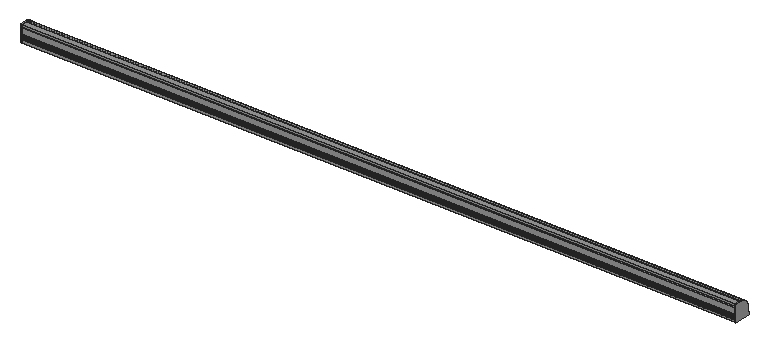
Revit family "3036880+3036945 Sylvania Lighting Fixture LUMISTRIP IP20 5M WW with L PROFILE ALU OPAL 1M", category Lighting Fixtures, host Face, Revit 2017
Family settings
  Host = Face
  Round Connector Dimension = Use Diameter
  Part Type = Normal
  OmniClass Number = 23.80.70.00
  OmniClass Title = Lighting
  Cut with Voids When Loaded = No
  Light Source = Yes
  Shared = No
  Room Calculation Point = No
Parameters (values of type "3036880+3036945 LUMISTRIP IP20 5M WW with L PROFILE ALU OPAL 1M")
  Weight = ""
  Wattage Comments = ""
  Wattage = 0 W
  WarrantyStartDate [instance] = "n/a"
  WarrantyGuarantorParts = "n/a"
  WarrantyDurationUnit = "n/a"
  WarrantyDurationParts = "n/a"
  WarrantyDescription = "n/a"
  built-in parameter 1150110 = 1 (stored number, unit not read)
  Voltage = 24 V
  URL = "http://www.sylvania-lighting.com"
  TypeName = "LUMISTRIP IP20 5M WW with L PROFILE ALU OPAL 1M"
  Type Image = <None>
  Type Comments = "n/a"
  built-in parameter 1114217 = 1 (stored number, unit not read)
  Tilt Angle = -90.00°
  built-in parameter 1150109 = 1 (stored number, unit not read)
  built-in parameter 1150134 = (empty or 0)
  built-in parameter 1150113 = 1 (stored number, unit not read)
  SerialNumber [instance] = "n/a"
  RadiusDiffuserOut_SYL = 12.999 mm
  RadiusDiffuserIn_SYL = 11.999 mm
  Photometric Web File = "3036880.ies"
  Material_3_FEILO = none
  PowerFactor = 0
  PowerConsumption = ""
  NominalLength = 5000 mm
  NominalHeight = 3 mm
  NominalDepth = 8 mm
  Name = "LUMISTRIP IP20 5M WW with L PROFILE ALU OPAL 1M"
  ModelReference = Name  # "LUMISTRIP IP20 5M WW with L PROFILE ALU OPAL 1M"
  ModelNumber = "3036880+3036945"
  Model = Name  # "LUMISTRIP IP20 5M WW with L PROFILE ALU OPAL 1M"
  Material = "n/a"
  ManufacturerName = "Feilo Sylvania"
  Manufacturer = "Feilo Sylvania"
  LuminousEfficacy = "70.62 lm/W"
  built-in parameter 1150105 = (empty or 0)
  Lumens = 0 lm
  LuminaireType = ""
  built-in parameter 1150115 = 1 (stored number, unit not read)
  LightOutputRatio = "100"
  built-in parameter 1150137 = (empty or 0)
  built-in parameter 1150139 = (empty or 0)
  Length_SYL = 1000 mm
  LampsType = Lamp  # "LED"
  LampNominalLuminous = ""
  LampMacAdamStep = "n/a"
  LampColourTemperature = "3000 K"
  LampColourRenderingIndex = "80"
  built-in parameter 1150112 = 1 (stored number, unit not read)
  built-in parameter 1150114 = 1 (stored number, unit not read)
  Lamp = "LED"
  Keynote = "16500"
  InstallationDate [instance] = "n/a"
  InputVoltage = "24V DC"
  InputNominalFrequency = "n/a"
  built-in parameter 1150132 = (empty or 0)
  built-in parameter 1150102 = (empty or 0)
  built-in parameter 1150107 = 3000 (stored number, unit not read)
  built-in parameter 1150138 = (empty or 0)
  IngressProtection = "IP20"
  ImpactProtectionIndex = "n/a"
  built-in parameter 1150106 = (empty or 0)
  IfcExportType = "IfcLightFixtureType"
  IfcExportAs = "IfcLightFixtureType"
  ExpectedLife = 50000
  EndCapRight_SYL [instance] = yes
  EndCapLeft_SYL [instance] = yes
  built-in parameter 1150127 = 10 mm
  Emit from Rectangle Length = Length_SYL - 4 mm  # 996 mm
  Emit Shape Visible in Rendering = no
  ElectricShockClassification = "Class III"
  built-in parameter 1150104 = 6.5608 (stored number, unit not read)
  DurationUnit = "hours"
  DocumentationLiterature = "http://www.sylvania-lighting.com/product/en-int/products/3036880"
  DimmingControlOptions = "n/a"
  Material_2_FEILO = Diffuser-Sylvania-LumistipLprofile-Polycarbonate
  Dimming Lamp Color Temperature Shift = <None>
  Description = ""
  Default Elevation = 1219.2 mm
  CreatedOn = "6/22/2018"
  CreatedBy = ""
  Cost = 0
  Color Filter = 16777215
  built-in parameter 1114216 [instance] = (empty or 0)
  ClassificationValue = "EF_70_80"
  ClassificationName = "Uniclass2015"
  Material_1_FEILO = Body-Sylvania-LumistripLprofile-Aluminum
  BarCode [instance] = "n/a"
  built-in parameter 1114218 = 1 (stored number, unit not read)
  Emit from Rectangle Width = 3048 mm
  AssetType = "Fixed"
  AssetIdentifier [instance] = "n/a"
  Assembly Code = "D5020200"
  Apparent Load = 24 VA
  Material_4_FEILO = none
Reference planes
  plane 1 "Center (Front/Back)": y = 0
  plane 2: z = 0
  plane 3 "Center (Left/Right)": x = 0
  plane 4: y = 22.4
  plane 5: z = 22.4
  plane 6: z = 20.4
  plane 7: z = 17.9
  plane 8: z = 10.9
  plane 9: z = 9.4
  plane 10: z = 7.9
  plane 11: z = 6.4
  plane 12: z = 4.9
  plane 13: z = 3.4
  plane 14: y = 2
  plane 15: z = 2
  plane 16: y = 7.9
  plane 17: y = 4.8
  plane 18: y = 3.3
  plane 19: y = 6.3
  plane 20: y = 9.4
  plane 21: y = 10.9
  plane 22: y = 20.4
  plane 23: y = 17.9
  plane 24: x = 500
  plane 25: x = -500
  plane 26: x = -498.5
  plane 27: x = 498.5
Forms (mm)
  Extrusion 1, solid, material "Body-Sylvania-LumistripLprofile-Aluminum" <- "Material_1_FEILO"
    sketch origin (0, 0, 0) x (0, 1, 0) y (0, 0, 1)
      loop
        line (0, 22.399) -> (0, 20.4) -> (4.8, 20.4) -> (4.8, 17.9) -> (0, 17.9) -> (0, 10.9) -> (2, 10.9) -> (2, 9.4) -> (0, 9.4) -> (0, 7.9) -> (2, 7.9) -> (2, 6.4) -> (0, 6.4) -> (0, 4.9) -> (2, 4.9) -> (2, 3.4) -> (0, 3.4) -> (0, 0) -> (3.3, 0) -> (3.3, 2) -> (4.8, 2) -> (4.8, 0) -> (6.3, 0) -> (6.3, 2) -> (7.9, 2) -> (7.9, 0) -> (9.4, 0) -> (9.4, 2) -> (10.9, 2) -> (10.9, 0) -> (17.9, 0) -> (17.9, 4.9) -> (20.4, 4.9) -> (20.4, 0) -> (22.399, 0) -> (22.399, 9.4) -> (19.77, 9.4) -> (12.92, 2.55) -> (2.567, 12.903) -> (9.4, 19.736) -> (9.4, 22.399) -> (0, 22.399)
    from -498.5 to 498.5
  Extrusion 2, solid, material "Diffuser-Sylvania-LumistipLprofile-Polycarbonate" <- "Material_2_FEILO"
    sketch origin (0, 0, 0) x (0, 1, 0) y (0, 0, 1)
      loop
        line (9.4, 22.399) -> (9.4, 21.399)
        arc (9.4, 21.399) -> (17.884, 17.884) -> (21.399, 9.4) r 11.999
        line (21.399, 9.4) -> (22.399, 9.4)
        arc (22.399, 9.4) -> (18.591, 18.591) -> (9.4, 22.399) r 12.999
    from -498.5 to 498.5
  Extrusion 3, solid, material "Body-Sylvania-LumistripLprofile-Aluminum" <- "Material_1_FEILO", visible <- "EndCapLeft_SYL"
    sketch origin (200, -4572, 2609.058) x (0, 0, 1) y (0, -1, 0)
      loop
        line (-2609.058, -4572) -> (-2609.058, -4594.4) -> (-2599.658, -4594.399)
        arc (-2599.658, -4594.399) -> (-2590.467, -4590.591) -> (-2586.658, -4581.4) r 12.999
        line (-2586.658, -4581.4) -> (-2586.658, -4572) -> (-2609.058, -4572)
    from 300 to 298.5
  Extrusion 4, solid, material "Body-Sylvania-LumistripLprofile-Aluminum" <- "Material_1_FEILO", visible <- "EndCapRight_SYL"
    sketch origin (-500, -4572, 2609.058) x (0, 0, 1) y (0, -1, 0)
      loop
        line (-2586.659, -4581.402) -> (-2586.658, -4572) -> (-2609.058, -4572) -> (-2609.058, -4594.399) -> (-2599.658, -4594.399)
        arc (-2599.658, -4594.399) -> (-2590.467, -4590.592) -> (-2586.659, -4581.402) r 12.999
    from 0 to 1.5
Lines and regions (mm)
  reference lines
    curve 1: line (0, 0, 0) -> (0, 22.4, 22.4)
    curve 2: line (0, 0, 15.469) -> (0, 15.469, 0)
    curve 3: line (0, 12.92, 2.55) -> (0, 22.4, 12.03)
    curve 4: line (0, 2.567, 12.903) -> (0, 12.064, 22.4)
    curve 5: arc (0, 9.4, 22.399) -> (0, 18.591, 18.591) -> (0, 22.399, 9.4) r 12.999
    curve 6: arc (0, 21.399, 9.4) -> (0, 17.884, 17.884) -> (0, 9.4, 21.399) r 11.999
    curve 7: line (500, 13.907, 23.341) -> (500, 24.285, 12.963)
Dimensions and locks
  locked: plane 5 to plane 2 at 22.4
  locked: plane 1 "Center (Front/Back)" to plane 4 at 22.4
  locked: plane 6 to plane 5 at 2
  locked: plane 7 to plane 6 at 2.5
  locked: plane 8 to plane 7 at 7
  locked: plane 22 to plane 4 at 2
  locked: plane 23 to plane 22 at 2.5
  locked: plane 21 to plane 23 at 7
  locked: plane 9 to plane 8 at 1.5
  locked: plane 20 to plane 21 at 1.5
  locked: plane 10 to plane 9 at 1.5
  locked: plane 11 to plane 10 at 1.5
  locked: plane 12 to plane 11 at 1.5
  locked: plane 13 to plane 12 at 1.5
  locked: plane 16 to plane 20 at 1.5
  plane 19 to plane 16 = 1.6 mm
  locked: plane 17 to plane 19 at 1.5
  locked: plane 18 to plane 17 at 1.5
  locked: plane 1 "Center (Front/Back)" to plane 14 at 2
  locked: plane 15 to plane 2 at 2
  equal spacing: plane 24, plane 3 "Center (Left/Right)", plane 25
  "Length_SYL": plane 24 to plane 25
  equal spacing: plane 27, plane 3 "Center (Left/Right)", plane 26
  locked: plane 26 to plane 25 at 1.5
  locked: curve 7 to Extrusion 1 at 15.4
  "RadiusDiffuserIn_SYL": radius of curve 6
  "RadiusDiffuserOut_SYL": radius of curve 5
  locked: curve 1 to curve 2 (angle 90.00°)
  locked: curve 4 to curve 2 (angle 90.00°)
  locked: curve 2 to curve 3 (angle 90.00°)
  locked: curve 7 to curve 1 (angle 90.00°)
  aligned and locked: plane 2 to host face
  aligned and locked: level to host face
  aligned and locked: plane 6 to Extrusion 1 sketch curve
  aligned and locked: plane 7 to Extrusion 1 sketch curve
  aligned and locked: plane 17 to Extrusion 1 sketch curve  (x2)
  aligned and locked: plane 1 "Center (Front/Back)" to Extrusion 1 sketch curve  (x4)
  aligned and locked: plane 14 to Extrusion 1 sketch curve  (x3)
  aligned and locked: plane 8 to Extrusion 1 sketch curve
  aligned and locked: plane 9 to Extrusion 1 sketch curve
  aligned and locked: plane 10 to Extrusion 1 sketch curve
  aligned and locked: Extrusion 1 sketch curve to plane 11
  aligned and locked: plane 12 to Extrusion 1 sketch curve  (x2)
  aligned and locked: Extrusion 1 sketch curve to plane 13
  aligned and locked: Extrusion 1 sketch curve to host face
  aligned and locked: Extrusion 1 sketch curve to plane 18
  aligned and locked: Extrusion 1 sketch curve to plane 19
  aligned and locked: plane 15 to Extrusion 1 sketch curve  (x3)
  aligned and locked: plane 16 to Extrusion 1 sketch curve
  aligned and locked: Extrusion 1 sketch curve to level  (x2)
  aligned and locked: Extrusion 1 sketch curve to plane 20  (x2)
  aligned and locked: plane 21 to Extrusion 1 sketch curve
  aligned and locked: Extrusion 1 sketch curve to plane 23
  aligned and locked: plane 22 to Extrusion 1 sketch curve
  aligned and locked: plane 4 to curve 1
  aligned and locked: plane 5 to curve 1
  aligned and locked: plane 1 "Center (Front/Back)" to Extrusion 1
  aligned and locked: plane 2 to curve 1
  aligned and locked: plane 1 "Center (Front/Back)" to curve 2
  aligned and locked: plane 2 to curve 2
  aligned and locked: plane 5 to curve 4
  aligned and locked: plane 4 to curve 3
  aligned and locked: plane 20 to Extrusion 1 sketch curve
  aligned and locked: Extrusion 1 sketch curve to plane 9
  aligned and locked: Extrusion 1 sketch curve to curve 3
  aligned and locked: Extrusion 1 sketch curve to curve 2
  aligned and locked: Extrusion 1 sketch curve to curve 4
  aligned and locked: curve 5 to Extrusion 1
  aligned and locked: Extrusion 1 to curve 5
  aligned and locked: plane 20 to curve 5
  aligned and locked: plane 9 to curve 5
  aligned and locked: plane 20 to curve 6
  aligned and locked: plane 9 to curve 6
  aligned and locked: Extrusion 2 sketch curve to curve 5
  aligned and locked: Extrusion 2 sketch curve to curve 6
  aligned and locked: Extrusion 2 sketch curve to Extrusion 1  (x2)
  aligned and locked: Extrusion 1 to plane 26
  aligned and locked: Extrusion 2 to Extrusion 1
  aligned and locked: Extrusion 3 sketch curve to Extrusion 1  (x2)
  aligned and locked: plane 4 to Extrusion 3 sketch curve
  aligned and locked: plane 5 to Extrusion 3 sketch curve
  aligned and locked: plane 20 to Extrusion 3 sketch curve
  aligned and locked: plane 9 to Extrusion 3 sketch curve
  aligned and locked: Extrusion 3 sketch curve to Extrusion 2
  aligned and locked: plane 24 to Extrusion 3
  aligned and locked: Extrusion 4 sketch curve to Extrusion 3  (x3)
  aligned and locked: Extrusion 4 sketch curve to plane 5
  aligned and locked: Extrusion 4 to Extrusion 1
  aligned and locked: Extrusion 4 to plane 25
  aligned and locked: imposter light to curve 7
  aligned and locked: plane 3 "Center (Left/Right)" to imposter light
  aligned and locked: imposter light to curve 1
  aligned and locked: Extrusion 3 to Extrusion 2
  aligned and locked: Extrusion 1 to Extrusion 2
  aligned and locked: Extrusion 3 to plane 27
Automatic sketch dimensions
  host sketch curve to host sketch curve = 2438.4 mm  (x2)
  Extrusion 1 sketch curve to plane 1 "Center (Front/Back)" = 0 mm
  Extrusion 1 sketch curve to level = 0 mm  (x2)
  plane 4 to Extrusion 1 sketch curve = 0.001 mm
  plane 5 to Extrusion 1 sketch curve = 0.001 mm
  curve 7 to plane 8 = 2.063 mm
  curve 7 to plane 4 = 1.885 mm
Connectors
  electrical at (0, 0, 0), driven by "Apparent Load", driven by "PowerFactor", driven by "Voltage"
    settings: index 1, voltage 24 V, apparent load 24 VA, apparent load phase1 0 VA, apparent load phase2 0 VA, apparent load phase3 0 VA, power factor 0, load classification "Lighting", number of poles 1, system type 30, power factor state 1, is connector primary yes, connector utility no, sub classification motor no, connector description ""
